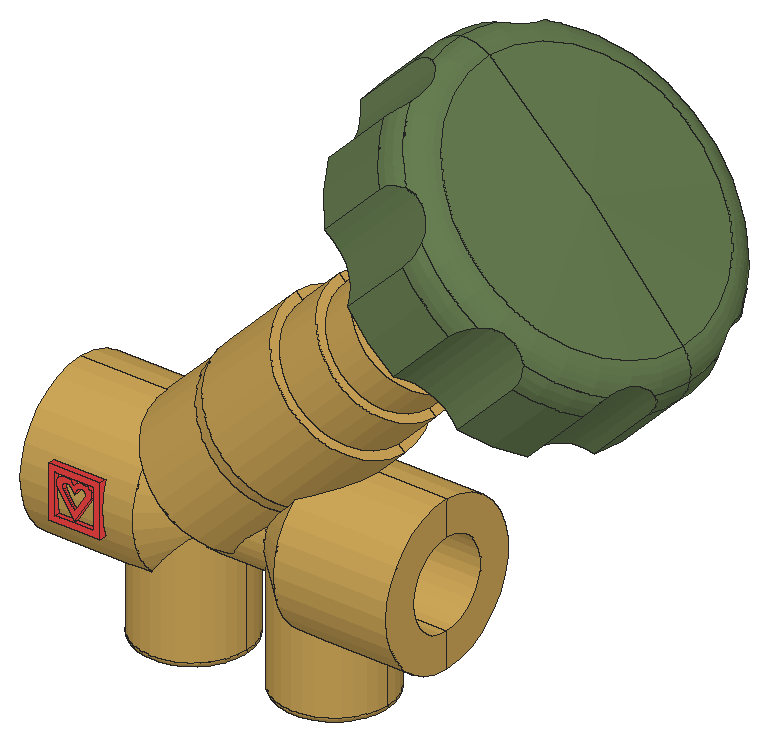
Revit family "Запорный клапан Strömax 4125 WD", category Rohrzubehör, Revit 2019
Family settings
  Bemaßung runder Anschluss = Durchmesser verwenden
  Teiletyp = Unterbricht
  OmniClass-Nummer = 23.65.55.14
  OmniClass-Titel = Valves for Liquid Services
  Arbeitsebenenbasiert = Nein
  Immer vertikal = Ja
  Beim Laden mit Abzugskörper schneiden = Nein
  Gemeinsam genutzt = Nein
Parameters
  Шпиндель = "Латунь CW617N"  # constant formula
  Уплотнение = "EPDM"  # constant formula
  Примечание = "В соответствии со статьей 33 Регламента REACH (Registration; Evaluation; Authorisation; Restriction of Chemicals) (EC № 1907/2006) мы обязаны указать, что свинец внесен в список SVHC (Substances of Very High Concern - вещества очень высокой важности) и весовой процент свинца во всех латунных компонентах заводского изготовления в наших изделиях, превышает 0,1 % (w/w) (CAS: 7439-92-1 / EINECS: 231-100-4).\r\nПоскольку свинец является легирующим компонентом сплава, прямое негативное влияние исключается, и поэтому дополнительной информации о безопасном использовании не требуется."
  Область применения = "Для перекрытия трубопроводов в системе питьевого водоснабжения в зданиях."
  Номер заказа [instance] = size_lookup("4125WD_", "Artnr", 0, Nennweite)  # 2412561
  Маховик = "пластик, цвет маховика - зеленый"  # constant formula
  Макс. рабочее давление = 2000000.0 Pa  # constant formula
  Макс. рабочая температура = 80 °C  # constant formula
  Корпус = "литая латунь, устойчивая к селективной цинковой коррозии, CC770S"  # constant formula
  Конус = "латунь, устойчивая к селективной цинковой коррозии, CW626N"  # constant formula
  Букса = "латунь, устойчивая к селективной цинковой коррозии, CW626N"  # constant formula
  W01 = 45.00°  # constant formula
  URL = "www.herz-armaturen.ru"
  Технически возможная область применения = " "  # constant formula
  SW01 = 60.00°  # constant formula
  SC_NennweiteBerechnet = 0
  SC_Dimension = ""
  SCTWSEQ = "FW_SBT_TYP_FW=\"109\";2"
  SCTWCODE = "04;00;02"  # constant formula
  S03 = 60 mm  # constant formula
  S02 [instance] = L06 + L09 + L12 + L15  # 77.9 mm
  S01 [instance] = R01 * 2  # 27 mm
  R12 [instance] = R01 - 1 mm  # 12.5 mm
  R11 [instance] = size_lookup("4125WD_", "R11", 46.5 mm, Nennweite)  # 5.1 mm
  R100 = 1 mm  # constant formula
  R10 [instance] = size_lookup("4125WD_", "R10", 46.5 mm, Nennweite)  # 8 mm
  R09 [instance] = size_lookup("4125WD_", "R9", 46.5 mm, Nennweite)  # 10.5 mm
  R08 [instance] = size_lookup("4125WD_", "R8", 46.5 mm, Nennweite)  # 12 mm
  R07 [instance] = size_lookup("4125WD_", "R7", 46.5 mm, Nennweite)  # 13.5 mm
  R06 [instance] = size_lookup("4125WD_", "R6", 43 mm, Nennweite)  # 13 mm
  R05 [instance] = Nennweite / 2  # 7.5 mm
  R03 = 9.5 mm  # constant formula
  R02 [instance] = Nennweite / 2  # 7.5 mm
  R01 [instance] = size_lookup("4125WD_", "R1", 11.5 mm, Nennweite)  # 13.5 mm
  Nennweite [instance] = 15 mm
  Мин. расход при Dp 10 кПа [instance] = if(Nennweite = 15 mm, 0.5 L/s, if(Nennweite = 20 mm, 1.0 L/s, if(Nennweite = 25 mm, 1.75 L/s, if(Nennweite = 32 mm, 3.0 L/s, if(Nennweite = 40 mm, 4.0 L/s, if(Nennweite = 50 mm, 6.75 L/s, if(Nennweite = 65 mm, 11.0 L/s, if(Nennweite = 80 mm, 16.0 L/s, 0.0 L/s))))))))  # 0.5 L/s
  Среда = "Питьевая вода"  # constant formula
  Макс. рабочая температура (в рамках ÖVGW-сертификации) = 65 °C  # constant formula
  Макс. перепад давления на закрытом седле = 1000000.0 Pa  # constant formula
  Макс. рабочее давление (в рамках ÖVGW-сертификации) = 1000000.0 Pa  # constant formula
  L16 [instance] = L01 / 2  # 10 mm
  L15 [instance] = size_lookup("4125WD_", "L15", 12.4 mm, Nennweite)  # 12.4 mm
  L14 [instance] = size_lookup("4125WD_", "L14", 81 mm, Nennweite)  # 6 mm
  L12 [instance] = size_lookup("4125WD_", "L12", 81 mm, Nennweite)  # 26 mm
  L11 [instance] = size_lookup("4125WD_", "L11", 60 mm, Nennweite)  # 6.7 mm
  L10 [instance] = size_lookup("4125WD_", "L10", 20 mm, Nennweite)  # 9.3 mm
  L09 [instance] = size_lookup("4125WD_", "L9", 11 mm, Nennweite)  # 17 mm
  L08 [instance] = size_lookup("4125WD_", "L8", 35 mm, Nennweite)  # 20 mm
  L07 [instance] = size_lookup("4125WD_", "L7", 35 mm, Nennweite)  # 12.5 mm
  L06 [instance] = size_lookup("4125WD_", "L6", 118 mm, Nennweite) - L09  # 22.5 mm
  L03 = 15 mm  # constant formula
  L02 [instance] = size_lookup("4125WD_", "L2", 22 mm, Nennweite)  # 6 mm
  L01 [instance] = size_lookup("4125WD_", "L1", 48 mm, Nennweite)  # 20 mm
  L00 [instance] = size_lookup("4125WD_", "L", 180 mm, Nennweite)  # 65 mm
  Hersteller = "HERZ Armaturen Ges.m.b.H."  # constant formula
  H01 [instance] = size_lookup("4125WD_", "H1", 53 mm, Nennweite)  # 24 mm
  Незапланированные повышения температуры = "до  95 °C, продолжительностью не более 1 часа"  # constant formula
  DN80 [instance] = Nennweite = 80 mm  # no
  DN65 [instance] = Nennweite = 65 mm  # no
  DN50 [instance] = Nennweite = 50 mm  # no
  DN40 [instance] = Nennweite = 40 mm  # no
  DN32 [instance] = Nennweite = 32 mm  # no
  DN25 [instance] = Nennweite = 25 mm  # no
  DN20 [instance] = Nennweite = 20 mm  # no
  DN15 [instance] = Nennweite = 15 mm  # yes
Reference planes
  plane 1 "Mitte (Vorne/hinten)": y = 0
  plane 2: z = 0
  plane 3 "Mitte (Links/rechts)": x = 0
Forms (mm)
  Revolve 1, solid, material "Messing, weicher Gelbton, geschweißt", detail levels fine
    sketch origin (470, 0, 0) x (1, 0, 0) y (0, 0, 1)
      loop
        line (-502.5, 7.5) -> (-487.5, 7.5) -> (-487.5, 0) -> (-452.5, 0) -> (-452.5, 7.5) -> (-437.5, 7.5) -> (-437.5, 13.5) -> (-457.5, 13.5) -> (-464, 7.5) -> (-476, 7.5) -> (-482.5, 13.5) -> (-502.5, 13.5) -> (-502.5, 7.5)
      axis (-502.5, 0) -> (-437.5, 0)
    angle from 0 to 360
  Revolve 2, solid, material "Messing, weicher Gelbton, geschweißt", detail levels fine
    sketch origin (470, 0, 0) x (1, 0, 0) y (0, 0, 1)
      loop
        line (-492, 0) -> (-492, -23)
        arc (-492, -23) -> (-491.707, -23.707) -> (-491, -24) r 1
        line (-491, -24) -> (-482.5, -24) -> (-482.5, 0) -> (-492, 0)
      axis (-482.5, 0) -> (-482.5, -24)
    angle from 0 to 360
  Revolve 3, solid, material "Messing, weicher Gelbton, geschweißt", detail levels fine
    sketch origin (-470, 0, 0) x (-1, 0, 0) y (0, 0, 1)
      loop
        line (-492, 0) -> (-492, -23)
        arc (-492, -23) -> (-491.707, -23.707) -> (-491, -24) r 1
        line (-491, -24) -> (-482.5, -24) -> (-482.5, 0) -> (-492, 0)
      axis (-482.5, 0) -> (-482.5, -24)
    angle from 0 to 360
  Revolve 4, solid, material "Messing, weicher Gelbton, geschweißt", detail levels fine
    sketch origin (0.32, 0, -0.105) x (1, 0, 0) y (0, 0, 1)
      loop
        line (-12.82, 0) -> (42.264, 55.084) -> (38.657, 58.69) -> (29.889, 49.922) -> (27.839, 51.972) -> (20.767, 44.901) -> (19, 46.669) -> (14.262, 41.931) -> (13.201, 42.992) -> (6.625, 36.416) -> (5.565, 37.477) -> (-6.456, 25.456) -> (-7.87, 23.335) -> (-17.77, 13.435) -> (-18.123, 5.303) -> (-12.82, 0)
      axis (-12.82, 0) -> (42.264, 55.084)
    angle from 0 to 360
Lines and regions (mm)
  model lines, detail levels coarse+medium
    curve 1: line (-32.5, 0, 13.5) -> (-32.5, 0, -13.5)
    curve 2: line (-32.5, 0, -13.5) -> (32.5, 0, 13.5)
    curve 3: line (32.5, 0, 13.5) -> (32.5, 0, -13.5)
    curve 4: line (32.5, 0, -13.5) -> (-32.5, 0, 13.5)
    curve 5: line (0, 0, 0) -> (38.95, 0, 67.463)
    curve 6: line (12.969, 0, 82.463) -> (64.931, 0, 52.463)
    curve 7: line (-32.5, 13.5, 0) -> (-32.5, -13.5, 0)
    curve 8: line (-32.5, -13.5, 0) -> (32.5, 13.5, 0)
    curve 9: line (32.5, 13.5, 0) -> (32.5, -13.5, 0)
    curve 10: line (32.5, -13.5, 0) -> (-32.5, 13.5, 0)
    curve 11: line (0, 0, 0) -> (38.95, 67.463, 0)
    curve 12: line (12.969, 82.463, 0) -> (64.931, 52.463, 0)
Dimensions and locks
  "H01": plane 2 to Revolve 2 sketch curve
  "L00": Revolve 1 sketch curve to Revolve 1 sketch curve
  equal spacing: Revolve 1 sketch curve, plane 3 "Mitte (Links/rechts)", Revolve 1 sketch curve
  "R01": Revolve 1 sketch curve to Revolve 1 sketch curve  (x2)
  "R02": Revolve 1 sketch curve to Revolve 1 sketch curve  (x3)
  "L01": Revolve 1 sketch curve to Revolve 1 sketch curve  (x2)
  "L02": plane 3 "Mitte (Links/rechts)" to Revolve 1 sketch curve
  "L02": Revolve 1 sketch curve to plane 3 "Mitte (Links/rechts)"
  "L03": Revolve 1 sketch curve to Revolve 1 sketch curve  (x2)
  "L01": Revolve 1 to Revolve 2 sketch curve
  "R03": Revolve 2 sketch curve to Revolve 2 sketch curve
  "L01": Revolve 3 sketch curve to Revolve 1
  "R03": Revolve 3 sketch curve to Revolve 3 sketch curve
  "H01": plane 2 to Revolve 3 sketch curve
  "R07": Revolve 4 sketch curve to Revolve 4 sketch curve
  "L07": plane 3 "Mitte (Links/rechts)" to Revolve 4 sketch curve
  "R05": Revolve 4 sketch curve to Revolve 4 sketch curve
  "L06": Revolve 4 sketch curve to Revolve 4 sketch curve
  "L08": Revolve 4 sketch curve to Revolve 4 sketch curve
  "R06": Revolve 4 sketch curve to Revolve 4 sketch curve
  "L14": Revolve 4 sketch curve to Revolve 4 sketch curve
  "L09": Revolve 4 sketch curve to Revolve 4 sketch curve
  "R08": Revolve 4 sketch curve to Revolve 4 sketch curve
  "L10": Revolve 4 sketch curve to Revolve 4 sketch curve
  "R09": Revolve 4 sketch curve to Revolve 4 sketch curve
  "R10": Revolve 4 sketch curve to Revolve 4 sketch curve
  "L12": Revolve 4 sketch curve to Revolve 4 sketch curve
  "R11": Revolve 4 sketch curve to Revolve 4 sketch curve
  "L15": Revolve 4 sketch curve to Revolve 4 sketch curve
  "L11": Revolve 4 sketch curve to Revolve 4 sketch curve
  "R12": nested 9 to plane 1 "Mitte (Vorne/hinten)"
  "L16": Revolve 1 to nested 9
  equal spacing: curve 1, plane 3 "Mitte (Links/rechts)", curve 3
  "L00": curve 1 to curve 3
  equal spacing: curve 4, plane 2, curve 2
  "S01": curve 4 to curve 2
  equal spacing: curve 3, plane 2, curve 4
  "S01": curve 3 to curve 4
  "S02": curve 5 to curve 5
  equal spacing: curve 6, curve 5, curve 6
  "S03": curve 6 to curve 6
  equal spacing: curve 7, plane 3 "Mitte (Links/rechts)", curve 9
  "L00": curve 7 to curve 9
  equal spacing: curve 8, plane 1 "Mitte (Vorne/hinten)", curve 10
  "S01": curve 10 to curve 8
  equal spacing: curve 10, plane 1 "Mitte (Vorne/hinten)", curve 9
  "S01": curve 9 to curve 10
  "S02": curve 11 to curve 11
  equal spacing: curve 12, curve 11, curve 12
  "S03": curve 12 to curve 12
  "R100": radius of Revolve 2 sketch curve
  "R100": radius of Revolve 3 sketch curve
  "W01": angle plane 2 to Revolve 4 sketch curve
  "W01": angle level to Revolve 4 sketch curve
  "SW01": angle plane 2 to curve 5
  "SW01": angle plane 1 "Mitte (Vorne/hinten)" to curve 11
  aligned and locked: level to plane 2
Automatic sketch dimensions
  curve 5 to level = 0 mm
  plane 1 "Mitte (Vorne/hinten)" to curve 11 = 0 mm
  Revolve 1 sketch curve to level = 0 mm  (x2)
  Revolve 1 sketch curve to Revolve 1 sketch curve = 791.99 mm
  Revolve 1 sketch curve to Revolve 1 sketch curve = 2278.983 mm
  Revolve 2 sketch curve to level = 0 mm  (x2)
  Revolve 2 sketch curve to Revolve 2 sketch curve = 0 mm
  Revolve 2 sketch curve to Revolve 2 sketch curve = 0.292 mm
  Revolve 3 sketch curve to level = 0 mm  (x2)
  Revolve 3 sketch curve to Revolve 3 sketch curve = 0 mm
  Revolve 3 sketch curve to Revolve 3 sketch curve = 0.292 mm
  Revolve 4 sketch curve to level = 0.105 mm
  Revolve 4 sketch curve to Revolve 4 sketch curve = 0 mm  (x2)
Nested families
  nested 1: "Strömax-Handrad_Schrägsitz (Grün)" at (42.584, 0, 54.979), visible <- "DN15", type "Strömax-Handrad_Schrägsitz (Grün)", detail levels fine
    with Nennweite 0 mm, Gewicht 0.00 kg, Bestellnummer 0
  nested 2: "Strömax-Handrad_Schrägsitz (Grün)" at (54.312, 0, 67.707), visible <- "DN20", type "Strömax-Handrad_Schrägsitz (Grün)", detail levels fine
    with Nennweite 0 mm, Gewicht 0.00 kg, Bestellnummer 0
  nested 3: "Strömax-Handrad_Schrägsitz (Grün)" at (62.469, 0, 80.364), visible <- "DN25", type "Strömax-Handrad_Schrägsitz (Grün)", detail levels fine
    with Nennweite 0 mm, Gewicht 0.00 kg, Bestellnummer 0
  nested 4: "Strömax-Handrad_Schrägsitz (Grün)" at (71.712, 0, 91.607), visible <- "DN32", type "Strömax-Handrad_Schrägsitz (Grün)", detail levels fine
    with Nennweite 0 mm, Gewicht 0.00 kg, Bestellnummer 0
  nested 5: "Strömax-Handrad_Schrägsitz (Grün)" at (80.399, 0, 101.294), visible <- "DN40", type "Strömax-Handrad_Schrägsitz (Grün)", detail levels fine
    with Nennweite 0 mm, Gewicht 0.00 kg, Bestellnummer 0
  nested 6: "Strömax-Handrad_Schrägsitz (Grün)" at (97.83, 0, 129.225), visible <- "DN50", type "Strömax-Handrad_Schrägsitz (Grün)", detail levels fine
    with Nennweite 0 mm, Gewicht 0.00 kg, Bestellnummer 0
  nested 7: "Strömax-Handrad_Schrägsitz (Grün)" at (114.482, 0, 149.378), visible <- "DN65", type "Strömax-Handrad_Schrägsitz (Grün)", detail levels fine
    with Nennweite 0 mm, Gewicht 0.00 kg, Bestellnummer 0
  nested 8: "Strömax-Handrad_Schrägsitz (Grün)" at (140.423, 0, 183.319), visible <- "DN80", type "Strömax-Handrad_Schrägsitz (Grün)", detail levels fine
    with Nennweite 0 mm, Gewicht 0.00 kg, Bestellnummer 0
  nested 9: "Herz-Logo-vorne" at (-22.5, -13.232, 0) x (0, 1, 0) z (0, 0, 1), type "Herz-Logo-vorne", detail levels fine
Connectors
  piping at (-17.5, 0, 0), diameter 15, driven by "Nennweite"
    settings: on Revolve 1, index 1, connector inside diameter 609.6 mm, connector length 0 mm, flow factor 0, pipe flow 0.0 L/s, pressure drop 0.0 Pa, fitting loss kfactor 0, connector angle 0.00°, fixture units 0, engagement length 0 mm, angle of deflection 0.00°, flow configuration 0, flow direction 1, fitting loss method 0, system type 29, joint type 0, gender type 0, connector reference index -1, connector utility 0, adjustable connector no, is connector primary yes, connector description ""
  piping at (17.5, 0, 0), diameter 15, driven by "Nennweite"
    settings: on Revolve 1, index 2, connector inside diameter 609.6 mm, connector length 0 mm, flow factor 0, pipe flow 0.0 L/s, pressure drop 0.0 Pa, fitting loss kfactor 0, connector angle 0.00°, fixture units 0, engagement length 0 mm, angle of deflection 0.00°, flow configuration 0, flow direction 2, fitting loss method 0, system type 29, joint type 0, gender type 0, connector reference index -1, connector utility 0, adjustable connector no, is connector primary no, connector description ""
Definition of nested family "Strömax-Handrad_Schrägsitz (Grün)"
  Parameters (values of type "Strömax-Handrad_Schrägsitz (Grün)")
    URL = "www.herz-armaturen.at"
    Nennweite [instance] = 0 mm
    Manufacturer = "Herz Armaturen GmbH"  # constant formula
    Gewicht [instance] = 0.00 kg
    Bestellnummer [instance] = 0
  Reference planes
    plane 1 "Mitte (Vorne/hinten)": y = 0
    plane 2: z = 0
    plane 3 "Mitte (Links/rechts)": x = 0
  Forms (mm)
    Revolve 1, solid
      sketch origin (0, 0, 0) x (0.707107, 0, -0.707107) y (0.707107, 0, 0.707107)
        loop
          line (0, 0) -> (0, 22)
          arc (0, 22) -> (-12.15, 21.705) -> (-24.271, 20.819) r 250
          arc (-24.271, 20.819) -> (-26.831, 19.959) -> (-28.754, 18.063) r 6
          arc (-28.754, 18.063) -> (-29.682, 16.008) -> (-30, 13.776) r 8
          line (-30, 13.776) -> (-30, 0) -> (0, 0)
        axis (0, 22) -> (0, 0)
      angle from 0 to 360
    Extrusion 2, void
      sketch origin (0, 0, 0) x (0.707107, 0, -0.707107) y (0, 1, 0)
        loop
          circle (14.351, -34.645) r 10
      from 0 to 22
    Extrusion 3, void
      sketch origin (0, 0, 0) x (-0.707107, 0, 0.707107) y (0, -1, 0)
        loop
          circle (14.351, 34.645) r 10
      from 0 to 22
    Extrusion 4, void
      sketch origin (0, 0, 0) x (0, -1, 0) y (0.707107, 0, -0.707107)
        loop
          circle (14.351, 34.645) r 10
      from 0 to 22
    Extrusion 5, void
      sketch origin (0, 0, 0) x (0, 1, 0) y (-0.707107, 0, 0.707107)
        loop
          circle (14.351, -34.645) r 10
      from 0 to 22
    Extrusion 6, void
      sketch origin (0, 0, 0) x (0, -1, 0) y (0.707107, 0, -0.707107)
        loop
          circle (14.351, -34.645) r 10
      from 0 to 22
    Extrusion 7, void
      sketch origin (0, 0, 0) x (0, 1, 0) y (-0.707107, 0, 0.707107)
        loop
          circle (14.351, 34.645) r 10
      from 0 to 22
    Extrusion 8, void
      sketch origin (0, 0, 0) x (0.707107, 0, -0.707107) y (0, 1, 0)
        loop
          circle (14.351, 34.645) r 10
      from 0 to 22
    Extrusion 9, void
      sketch origin (0, 0, 0) x (-0.707107, 0, 0.707107) y (0, -1, 0)
        loop
          circle (14.351, -34.645) r 10
      from 0 to 22
  Cuts and joins
    Extrusion 2, Extrusion 3, Extrusion 4, Extrusion 5, Extrusion 6, Extrusion 7, Extrusion 8, Extrusion 9 cuts Revolve 1
  Dimensions and locks
    aligned and locked: level to plane 2
Definition of nested family "Herz-Logo-vorne"
  Reference planes
    plane 1 "Mitte (Vorne/hinten)": y = 0
    plane 2: z = 0
    plane 3 "Mitte (Links/rechts)": x = 0
  Forms (mm)
    Extrusion 1, solid
      sketch origin (0.732, -0.018, 0.017) x (0, -1, 0) y (0, 0, 1)
        loop
          line (-0.018, -4.517) -> (4.482, -4.517) -> (4.482, 4.483) -> (-4.518, 4.483) -> (-4.518, -4.517) -> (-0.018, -4.517)
        loop
          line (-0.05, -3.48) -> (3.482, -3.48) -> (3.482, 3.483) -> (-3.518, 3.483) -> (-3.518, -3.48) -> (-0.05, -3.48)
        loop
          arc (-0.018, 2.383) -> (-1.543, 3.287) -> (-3.067, 2.383) r 1.738
          arc (-3.067, 2.383) -> (-3.191, 1.899) -> (-3.067, 1.415) r 1.009
          line (-3.067, 1.415) -> (-0.018, -3.281) -> (3.032, 1.415)
          arc (3.032, 1.415) -> (3.156, 1.899) -> (3.032, 2.383) r 1.009
          arc (3.032, 2.383) -> (1.507, 3.287) -> (-0.018, 2.383) r 1.738
        loop
          arc (1.885, 1.272) -> (2.005, 1.675) -> (1.885, 2.079) r 0.74
          arc (1.885, 2.079) -> (1.265, 2.416) -> (0.644, 2.079) r 0.74
          line (0.644, 2.079) -> (-0.018, 0.97) -> (-0.679, 2.079)
          arc (-0.679, 2.079) -> (-1.3, 2.416) -> (-1.921, 2.079) r 0.74
          arc (-1.921, 2.079) -> (-2.04, 1.675) -> (-1.921, 1.272) r 0.74
          line (-1.921, 1.272) -> (-0.018, -1.658) -> (1.885, 1.272)
      from 0 to 1.5
  Dimensions and locks
    aligned and locked: level to plane 2
